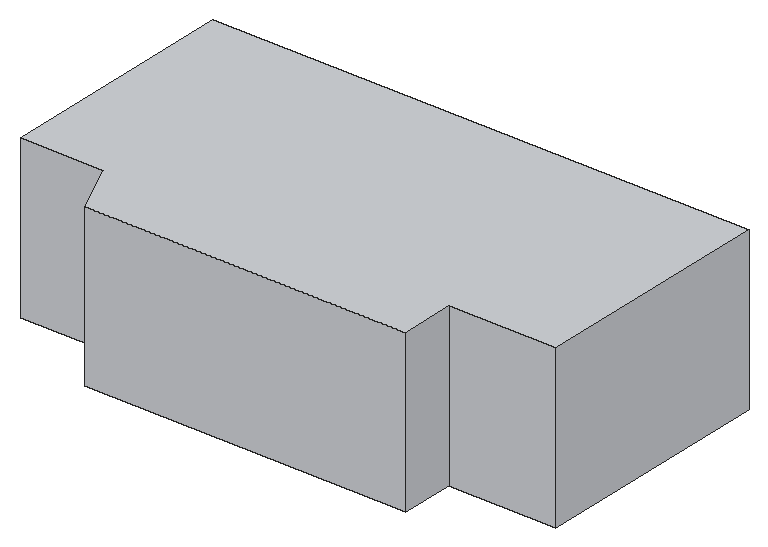
Revit family "M_T retangular - Chanfrado", category Conexões de duto, Revit 2019
Family settings
  Cota do conector redondo = Utilizar diâmetro
  Tipo de parte = Tê
  Número OmniClass = 23.75.70.14
  Título OmniClass = Air Ductwork
  ID de item do Seek = Rectangular Tee - Beveled-0000-CAN-ENU
  Com base no plano de trabalho = Não
  Sempre na vertical = Sim
  Corte com vazios quando carregada = Não
  Compartilhado = Não
Parameters (values of type "Padrão")
  Comprimento 6 [instance] = Comprimento do rebaixo / 2  # 100 mm
  Comprimento 1 [instance] = (Comprimento 6) * tan(Ângulo) + Largura do duto 3 / 2  # 346.631 mm
  Largura do duto 3 [instance] = 600 mm
  Largura do duto 1 [instance] = 450 mm
  Comprimento do rebaixo [instance] = 200 mm
  Meia largura 1 [instance] = Largura do duto 1 / 2  # 225 mm
  Comprimento do duto 3 [instance] = Largura do duto 1 / 2 + Comprimento 6  # 325 mm
  Meia largura 3 [instance] = Largura do duto 3 / 2  # 300 mm
  Comprimento do duto 1 [instance] = Meia largura 3 + Comprimento do rebaixo  # 500 mm
  Altura do duto [instance] = 300 mm
  Assembly Code = ""
  Ângulo [instance] = 25.00°
Reference planes
  plane 1 "Centro (Frente/Trás)": y = 0
  plane 2: z = 0
  plane 3 "Centro (Esquerda/Direita)": x = 0
  plane 4: x = -500
  plane 5: x = 500
  plane 6: y = -325
  plane 7: x = -300
  plane 8: x = 300
  plane 9: x = -346.631
  plane 10: x = 346.631
  plane 11: z = 150
  plane 12: z = -150
  plane 13: y = -225
Forms (mm)
  Sweep 1, solid, detail levels medium+fine
    path in 3D
      loop
        line (-500, 0, 0) -> (0, 0, 0)
    profile "M_Duto - Retangular : Duto - Retangular 1" origin (-250, 0, 0) x (0, 1, 0) y (0, 0, 1)
      loop
        line (-225, 150) -> (-225, -150) -> (225, -150) -> (225, 150) -> (-225, 150)
  Sweep 2, solid, detail levels medium+fine
    path in 3D
      loop
        line (0, 0, 0) -> (500, 0, 0)
    profile "M_Duto - Retangular : Duto - Retangular 1" origin (250, 0, 0) x (0, 1, 0) y (0, 0, 1)
      loop
        line (-225, 150) -> (-225, -150) -> (225, -150) -> (225, 150) -> (-225, 150)
  Blend 3, solid, detail levels medium+fine
    base sketch origin (-643.049, -325, 1219.2) x (-1, 0, 0) y (0, 0, 1)
      loop
        line (-343.049, -1069.2) -> (-943.049, -1069.2) -> (-943.049, -1369.2) -> (-343.049, -1369.2) -> (-343.049, -1069.2)
    top sketch origin (-643.049, -325, 1219.2) x (-1, 0, 0) y (0, 0, 1)
      loop
        line (-296.418, -1069.2) -> (-943.049, -1069.2) -> (-943.049, -1369.2) -> (-296.418, -1369.2) -> (-296.418, -1069.2)
    from 0 to 100
Cuts and joins
  joined: Sweep 1, Sweep 2, Blend 3
Lines and regions (mm)
  reference lines
    curve 1: line (-500, 0, 0) -> (0, 0, 0)
    curve 2: line (0, 0, 0) -> (500, 0, 0)
    curve 3: line (0, 0, 0) -> (0, -325, 0)
  sketch lines
    curve 4: line (-500, 0, 0) -> (0, 0, 0)
    curve 5: line (0, 0, 0) -> (500, 0, 0)
  model lines, style "DuctFitting", detail levels coarse
    curve 6: line (-500, 0, 0) -> (0, 0, 0)
    curve 7: line (0, 0, 0) -> (500, 0, 0)
    curve 8: line (0, 0, 0) -> (0, -325, 0)
Dimensions and locks
  equal spacing: plane 4, plane 3 "Centro (Esquerda/Direita)", plane 5
  "Comprimento do duto 1": plane 4 to plane 3 "Centro (Esquerda/Direita)"
  "Comprimento do duto 3": plane 6 to plane 1 "Centro (Frente/Trás)"
  equal spacing: plane 7, plane 3 "Centro (Esquerda/Direita)", plane 8
  "Largura do duto 3": plane 7 to plane 8
  equal spacing: plane 9, plane 3 "Centro (Esquerda/Direita)", plane 10
  "Comprimento 1": plane 9 to plane 3 "Centro (Esquerda/Direita)"
  equal spacing: plane 11, level, plane 12
  "Altura do duto": plane 11 to plane 12
  "Meia largura 1": plane 1 "Centro (Frente/Trás)" to plane 13
  aligned and locked: plane 3 "Centro (Esquerda/Direita)" to curve 1
  aligned and locked: plane 4 to curve 1
  aligned and locked: plane 1 "Centro (Frente/Trás)" to curve 1
  aligned and locked: plane 5 to curve 2
  aligned and locked: plane 1 "Centro (Frente/Trás)" to curve 2
  aligned and locked: plane 6 to curve 3
  aligned and locked: curve 6 to curve 1
  aligned and locked: curve 7 to curve 2
  aligned and locked: curve 8 to curve 3
  aligned and locked: Blend 3 sketch curve to plane 11  (x2)
  aligned and locked: plane 12 to Blend 3 sketch curve  (x2)
  aligned and locked: plane 7 to Blend 3 sketch curve
  aligned and locked: Blend 3 sketch curve to plane 8  (x2)
  aligned and locked: plane 9 to Blend 3 sketch curve
  aligned and locked: Blend 3 to plane 6
  aligned and locked: plane 5 to curve 7
  aligned and locked: plane 13 to Blend 3
Automatic sketch dimensions
  curve 6 to plane 4 = 0 mm
  curve 8 to plane 6 = 0 mm
Connectors
  hvac at (-500, 0, 0), driven by "Altura do duto", driven by "Largura do duto 1"
    settings: on cut or joined group of Sweep 1, Sweep 2, Blend 3, index 1, duct flow 0.0 L/s, flow factor 0, pres drop 0.0 Pa, loss coef 0, conn angle 0.00°, conn width 450 mm, conn height 300 mm, conn diameter 609.6 mm, duct sys type 28, conn prof type 1, flow config 0, flow direction 0, loss method 0, conn ref index 2, conn util no, is conn primary yes, conn desc ""
  hvac at (500, 0, 0), driven by "Altura do duto", driven by "Largura do duto 1"
    settings: on cut or joined group of Sweep 1, Sweep 2, Blend 3, index 2, duct flow 0.0 L/s, flow factor 0, pres drop 0.0 Pa, loss coef 0, conn angle 0.00°, conn width 450 mm, conn height 300 mm, conn diameter 609.6 mm, duct sys type 28, conn prof type 1, flow config 0, flow direction 0, loss method 0, conn ref index 1, conn util no, is conn primary no, conn desc ""
  hvac at (0, -325, 0), driven by "Altura do duto", driven by "Largura do duto 3"
    settings: on cut or joined group of Sweep 1, Sweep 2, Blend 3, index 3, duct flow 0.0 L/s, flow factor 0, pres drop 0.0 Pa, loss coef 0, conn angle 0.00°, conn width 600 mm, conn height 300 mm, conn diameter 609.6 mm, duct sys type 28, conn prof type 1, flow config 0, flow direction 0, loss method 0, conn ref index -1, conn util no, is conn primary no, conn desc ""
